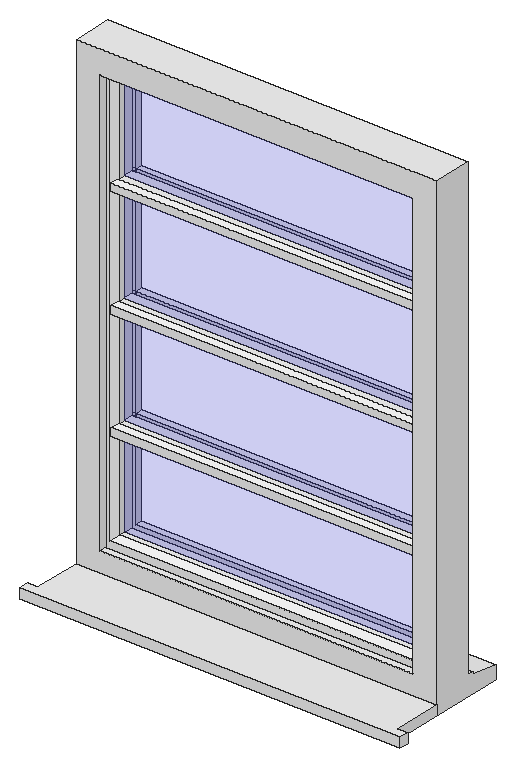
Revit family "MP_Windows_Tpl_Horz_Bars", category Windows, host Wall, Revit 2014
Parameters (values of type "910x910mm")
  Wrap Layers (Ext) from Ext = 102.5 mm
  Wrap Layers (Int) from Ext = 177.5 mm
  Window Board Projection = 25.0 mm
  Window Board Extension = 25.0 mm
  Visual Light Transmittance = 0.9
  Vis - Cavity Closers = yes
  Solar Heat Gain Coefficient = 0.86
  Rough Width = Width  # 910.0 mm
  Rough Height = Height  # 1210.0 mm
  Operation = "SinglePanel"
  Construction Type Id = "SGL"
  Material Trim = Window Frame
  Material Glass = Glass
  Material Frame = Window Frame
  Manufacturer = "Revit"
  Keynote = "L10"
  Height = 1210.0 mm
  Wall Closure = By host
  Width = 910.0 mm
  Heat Transfer Coefficient (U) = 5.5617 W/(m²·K)
  Glazing Thickness = 36.0 mm
  FrameOffset - External = 80.0 mm
  Frame Depth = 80.0 mm
  Default Head Height = 2110.0 mm
  Cill Depth = 87.5 mm
  Cavity Closer Width = 50.0 mm
  Cavity Closer Offset from Ext = 102.5 mm
  Cavity Closer Depth = 85.0 mm
  Analytic Construction = "Large single-glazed windows"
Types (7, lengths in mm): name | Rough Width | Rough Height | Height | Width | Glazing Thickness | FrameOffset - External | Frame Depth
  (no name) | 910.0 | 1210.0 | 1210.0 | 910.0 | 36.0 | 80.0 | 80.0
  910x910mm | 910.0 | 1210.0 | 1210.0 | 910.0 | 36.0 | 80.0 | 80.0
  910x1210mm | 910.0 | 1210.0 | 1210.0 | 910.0 | 24.0 | 50.0 | 65.0
  1360x910mm | 1360.0 | 910.0 | 910.0 | 1360.0 | 24.0 | 50.0 | 65.0
  1360x1210mm | 1360.0 | 1210.0 | 1210.0 | 1360.0 | 24.0 | 50.0 | 65.0
  1810x910mm | 1810.0 | 910.0 | 910.0 | 1810.0 | 24.0 | 50.0 | 65.0
  1810x1210mm | 1810.0 | 1210.0 | 1210.0 | 1810.0 | 24.0 | 50.0 | 65.0
Reference planes
  plane 1: y = 0
  plane 2 "Center (Left/Right)": x = 0
  plane 3 "Left": x = -455
  plane 4 "Right": x = 455
  plane 5 "Cill": z = 900
  plane 6 "Head": z = 2110
  plane 7 "Exterior": y = 158.457
  plane 8 "Interior": y = -141.543
  plane 9 "Back of Window": y = -1.543
  plane 10 "Wall Closure": y = 55.957
  plane 11 "Front Cill": y = 165.957
  plane 12 "Front Window Board": y = -166.543
  plane 13 "RHS Window Board": x = 480
  plane 14 "LHS Window Board": x = -480
  plane 15 "Ext Leaf Back": y = 55.957
  plane 16 "Face Window": y = 78.457
  plane 17: z = 1516.5
  plane 18: y = -19.043
  plane 19: z = 2070
  plane 20: z = 963
  plane 21: z = 1793.25
  plane 22: z = 1239.75
Forms (mm)
  Extrusion 1, solid, material "Window Frame" <- "Material Trim", detail levels medium+fine
    sketch origin (0, 0, 900) x (0, -1, 0) y (-1, 0, 0)
      loop
        line (141.543, 480) -> (141.543, 455) -> (19.543, 455) -> (19.543, -455) -> (141.543, -455) -> (141.543, -480) -> (166.543, -480) -> (166.543, 480) -> (141.543, 480)
    from 0 to -25
  Extrusion 2, solid, material "Window Frame" <- "Material Frame"
    sketch origin (0, 0, 0) x (0, 1, 0) y (0, 0, 1)
      loop
        line (-19.543, 900) -> (165.957, 900) -> (165.957, 933.809) -> (93.457, 944.745) -> (93.457, 949.688) -> (78.457, 951) -> (78.457, 963) -> (-1.543, 963) -> (-1.543, 975) -> (-19.543, 975) -> (-19.543, 900)
    from 455 to -455
  Sweep 3, solid, material "Window Frame" <- "Material Frame"
    path origin (0, -1.543, 0) x (1, 0, 0) y (0, 0, 1)
      loop
        line (-455, 963) -> (-455, 2110) -> (455, 2110) -> (455, 963)
    profile origin (0, 0, 1536.5) x (-1, 0, 0) y (0, -1, 0)
      loop
        line (455, 19.543) -> (395, 19.543) -> (395, 1.543) -> (415, 1.543) -> (415, -78.457) -> (455, -78.457) -> (455, 19.543)
  Sweep 4, solid, material "Window Frame" <- "Material Frame"
    path origin (0, 78.457, 0) x (1, 0, 0) y (0, 0, 1)
      loop
        line (415, 2070) -> (-415, 2070) -> (-415, 963) -> (415, 963) -> (415, 2070)
    profile origin (0, 0, 1516.5) x (0, -1, 0) y (1, 0, 0)
      loop
        line (-78.457, -425) -> (-78.457, -415) -> (1.543, -415) -> (1.543, -385.148) -> (-15.949, -375) -> (-30.457, -375) -> (-30.457, -385) -> (-66.457, -385) -> (-66.457, -375) -> (-84.23, -375) -> (-90.004, -385) -> (-90.004, -414.215) -> (-84.23, -425) -> (-78.457, -425)
  Extrusion 5, solid, material "Window Frame" <- "Material Frame"
    sketch origin (0, 0, 0) x (0, 1, 0) y (0, 0, 1)
      loop
        line (90.004, 1511.331) -> (90.004, 1521.669) -> (84.328, 1531.5) -> (66.457, 1531.5) -> (66.457, 1524.5) -> (30.457, 1524.5) -> (30.457, 1531.5) -> (12.949, 1531.5) -> (-1.543, 1526.352) -> (-1.543, 1506.648) -> (12.949, 1501.5) -> (30.457, 1501.5) -> (30.457, 1508.5) -> (66.457, 1508.5) -> (66.457, 1501.5) -> (84.328, 1501.5) -> (90.004, 1511.331)
      loop
        line (90.004, 1234.581) -> (90.004, 1244.919) -> (84.328, 1254.75) -> (66.457, 1254.75) -> (66.457, 1247.75) -> (30.457, 1247.75) -> (30.457, 1254.75) -> (12.949, 1254.75) -> (-1.543, 1249.602) -> (-1.543, 1229.898) -> (12.949, 1224.75) -> (30.457, 1224.75) -> (30.457, 1231.75) -> (66.457, 1231.75) -> (66.457, 1224.75) -> (84.328, 1224.75) -> (90.004, 1234.581)
      loop
        line (90.004, 1788.081) -> (90.004, 1798.419) -> (84.328, 1808.25) -> (66.457, 1808.25) -> (66.457, 1801.25) -> (30.457, 1801.25) -> (30.457, 1808.25) -> (12.949, 1808.25) -> (-1.543, 1803.102) -> (-1.543, 1783.398) -> (12.949, 1778.25) -> (30.457, 1778.25) -> (30.457, 1785.25) -> (66.457, 1785.25) -> (66.457, 1778.25) -> (84.328, 1778.25) -> (90.004, 1788.081)
    from -385.148 to 385.148
  Extrusion 6, solid, material "Glass" <- "Material Glass"
    sketch origin (385, 66.457, 2040) x (-1, 0, 0) y (0, 0, -1)
      loop
        line (770, 1047) -> (-0.148, 1047) -> (-0.148, 805.25) -> (770, 805.25) -> (770, 1047)
      loop
        line (770, 251.75) -> (770, 518.5) -> (-0.148, 518.5) -> (-0.148, 251.75) -> (770, 251.75)
      loop
        line (-0.148, 0) -> (770, 0) -> (770, 241.75) -> (-0.148, 241.75) -> (-0.148, 0)
      loop
        line (-0.148, 795.25) -> (-0.148, 528.5) -> (770, 528.5) -> (770, 795.25) -> (-0.148, 795.25)
    from 0 to 36 <- "Glazing Thickness"
Cuts and joins
  joined: Extrusion 2, Sweep 3
Lines and regions (mm)
  Opening 1
    outline origin (-5000, -141.543, 0) x (1, 0, 0) y (0, 0, 1)
      loop
        line (5455, 2110) -> (4545, 2110) -> (4545, 900) -> (5455, 900) -> (5455, 2110)
  Masking region 1
    outline origin (0, 0, 900) x (0, -1, 0) y (1, 0, 0)
      loop
        line (19.543, -455) -> (19.543, 455) -> (-165.957, 455) -> (-165.957, -455) -> (19.543, -455)
  symbolic lines, style "WindowsFrameMullionProjection"
    curve 1: line (-455, -19.543, 0) -> (455, -19.543, 0)
    curve 3: line (455, 78.457, 0) -> (-455, 78.457, 0)
    curve 5: line (-395, -19.543, 0) -> (-395, 78.457, 0)
    curve 6: line (395, -19.543, 0) -> (395, 78.457, 0)
    curve 7: line (-395, 29.457, 0) -> (395, 29.457, 0)
  symbolic lines, style "Elevation Swing"
    curve 2: line (-455, 78.457, 0) -> (-455, -19.543, 0)
    curve 4: line (455, -19.543, 0) -> (455, 78.457, 0)
    curve 20: line (-375, 0, 2030) -> (375, 0, 1516.5)
    curve 21: line (-375, 0, 1003) -> (375, 0, 1516.5)
  symbolic lines, style "Cavity Closer", visible <- "Vis - Cavity Closers", detail levels medium+fine
    curve 8: line (-455, 55.957, 0) -> (-505, 55.957, 0)
    curve 9: line (-455, -29.043, 0) -> (-455, 55.957, 0)
    curve 10: line (-505, -29.043, 0) -> (-455, -29.043, 0)
    curve 11: line (-505, 55.957, 0) -> (-505, -29.043, 0)
    curve 12: line (-455, -29.043, 0) -> (-505, 55.957, 0)
    curve 13: line (-505, -29.043, 0) -> (-455, 55.957, 0)
    curve 14: line (455, 55.957, 0) -> (505, 55.957, 0)
    curve 15: line (455, -29.043, 0) -> (455, 55.957, 0)
    curve 16: line (505, -29.043, 0) -> (455, -29.043, 0)
    curve 17: line (505, 55.957, 0) -> (505, -29.043, 0)
    curve 18: line (455, -29.043, 0) -> (505, 55.957, 0)
    curve 19: line (505, -29.043, 0) -> (455, 55.957, 0)
  symbolic lines, style "WindowsSillHeadProjection"
    curve 22: line (455, 165.957, 0) -> (-455, 165.957, 0)
    curve 23: line (-455, 165.957, 0) -> (-455, 158.457, 0)
    curve 24: line (455, 165.957, 0) -> (455, 158.457, 0)
Text (mm)
  text "EXTERIOR" at (-1415.209, 454.062, 0), in view "Ref. Level"
  text "INTERIOR" at (-1415.209, -367.981, 0), in view "Ref. Level"
  text "Exterior" at (0, 923.751, 2943.296), in view "Right"
  text "Exterior" at (0, 1040.484, 2685.409), in view "Left"
Dimensions and locks
  equal spacing: plane 3 "Left", plane 2 "Center (Left/Right)", plane 4 "Right"
  "Width": plane 3 "Left" to plane 4 "Right"
  "Height": plane 5 "Cill" to plane 6 "Head"
  "Default Head Height": plane 6 "Head" to level
  locked: plane 7 "Exterior" to host wall at 0
  locked: plane 8 "Interior" to host wall
  "Window Board Projection": plane 12 "Front Window Board" to plane 8 "Interior"
  "Window Board Extension": plane 14 "LHS Window Board" to plane 3 "Left"
  "Window Board Extension": plane 4 "Right" to plane 13 "RHS Window Board"
  "Cavity Closer Offset from Ext": plane 15 "Ext Leaf Back" to plane 7 "Exterior"
  "Frame Depth": plane 9 "Back of Window" to plane 16 "Face Window"
  "FrameOffset - External": plane 16 "Face Window" to plane 7 "Exterior"
  locked: Extrusion 2 sketch curve to Extrusion 2 sketch curve at 18
  Extrusion 2 sketch curve to Extrusion 2 sketch curve = 12.0 mm
  plane 16 "Face Window" to Extrusion 2 sketch curve = 15.0 mm
  Sweep 4 sketch curve to Sweep 4 sketch curve = 10.0 mm
  equal spacing: Extrusion 2, Sweep 4 sketch curve, Sweep 4 sketch curve
  equal spacing: Sweep 3, Sweep 4 sketch curve, Sweep 4 sketch curve
  Sweep 4 sketch curve to Sweep 4 sketch curve = 17.774 mm
  "Glazing Thickness": Sweep 4 sketch curve to Sweep 4 sketch curve
  equal spacing: curve 3, curve 7, curve 1
  "Cavity Closer Depth": curve 8 to curve 10
  "Cavity Closer Width": curve 11 to plane 3 "Left"
  "Cavity Closer Depth": curve 14 to curve 16
  "Cavity Closer Width": plane 4 "Right" to curve 17
  "Cill Depth": plane 16 "Face Window" to plane 11 "Front Cill"
  locked: Extrusion 5 sketch curve to Extrusion 5 sketch curve at 7  (x6)
  locked: Extrusion 5 sketch curve to Extrusion 5 sketch curve at 5.676  (x6)
  locked: Extrusion 5 sketch curve to Extrusion 5 sketch curve at 14.493  (x6)
  "Wrap Layers (Ext) from Ext": plane 10 "Wall Closure" to plane 7 "Exterior"
  "Wrap Layers (Int) from Ext": plane 18 to plane 7 "Exterior"
  locked: plane 19 to plane 6 "Head" at 40
  locked: plane 5 "Cill" to plane 20 at 63
  equal spacing: plane 20, plane 22, plane 17, plane 21, plane 19
  Extrusion 5 sketch curve to plane 21 to Extrusion 5 sketch curve = 15.0 mm locked, 15.0 mm locked
  Extrusion 5 sketch curve to plane 17 to Extrusion 5 sketch curve = 15.0 mm locked, 15.0 mm locked
  Extrusion 5 sketch curve to plane 22 to Extrusion 5 sketch curve = 15.0 mm locked, 15.0 mm locked
  Extrusion 6 sketch curve to plane 21 to Extrusion 6 sketch curve = 5.0 mm locked, 5.0 mm locked
  Extrusion 6 sketch curve to plane 17 to Extrusion 6 sketch curve = 5.0 mm locked, 5.0 mm locked
  Extrusion 6 sketch curve to plane 22 to Extrusion 6 sketch curve = 5.0 mm locked, 5.0 mm locked
  aligned and locked: plane 3 "Left" to Extrusion 1 sketch curve
  aligned and locked: Extrusion 1 sketch curve to plane 8 "Interior"  (x2)
  aligned and locked: Extrusion 1 sketch curve to plane 13 "RHS Window Board"
  aligned and locked: Extrusion 1 to plane 12 "Front Window Board"
  aligned and locked: plane 14 "LHS Window Board" to Extrusion 1 sketch curve
  aligned and locked: plane 9 "Back of Window" to Extrusion 2 sketch curve
  aligned and locked: plane 16 "Face Window" to Extrusion 2 sketch curve
  aligned and locked: plane 11 "Front Cill" to Extrusion 2 sketch curve
  aligned and locked: Extrusion 2 sketch curve to plane 5 "Cill"
  aligned and locked: plane 3 "Left" to Extrusion 2
  aligned and locked: Extrusion 2 to plane 4 "Right"
  aligned and locked: plane 16 "Face Window" to Sweep 3 sketch curve
  aligned and locked: Extrusion 1 to Extrusion 2
  aligned and locked: Sweep 4 sketch curve to Sweep 4 sketch curve
  aligned and locked: plane 9 "Back of Window" to Sweep 4 sketch curve
  aligned and locked: Sweep 3 to curve 5
  aligned and locked: curve 6 to Sweep 3
  aligned and locked: plane 3 "Left" to nested 1
  aligned and locked: curve 9 to plane 3 "Left"
  aligned and locked: plane 4 "Right" to nested 2
  aligned and locked: curve 15 to plane 4 "Right"
  aligned and locked: Extrusion 5 sketch curve to Extrusion 5 sketch curve  (x6)
  aligned and locked: Extrusion 5 to Sweep 4  (x2)
  aligned and locked: curve 1 to cut or joined group of Extrusion 2, Sweep 3
  aligned and locked: curve 22 to cut or joined group of Extrusion 2, Sweep 3
  aligned and locked: nested 2 to plane 15 "Ext Leaf Back"
  aligned and locked: plane 15 "Ext Leaf Back" to curve 14
  aligned and locked: nested 1 to plane 15 "Ext Leaf Back"
  aligned and locked: plane 15 "Ext Leaf Back" to curve 8
  aligned and locked: plane 3 "Left" to Masking region 1 sketch curve
  aligned and locked: plane 4 "Right" to Masking region 1 sketch curve
  aligned and locked: Masking region 1 sketch curve to plane 11 "Front Cill"
  aligned and locked: Masking region 1 sketch curve to Extrusion 1
  aligned and locked: Extrusion 5 sketch curve to Extrusion 6  (x3)
  aligned and locked: Extrusion 6 to Extrusion 5 sketch curve  (x3)
Automatic sketch dimensions
  curve 22 to plane 3 "Left" = 0.0 mm
  curve 3 to plane 3 "Left" = 0.0 mm
  curve 4 to plane 4 "Right" = 0.0 mm
  curve 24 to plane 4 "Right" = 0.0 mm
  curve 3 to plane 16 "Face Window" = 0.0 mm
  curve 23 to host wall = 0.0 mm
  curve 24 to host wall = 0.0 mm
  curve 21 to plane 17 = 0.0 mm
  plane 4 "Right" to curve 21 = 80.0 mm
  plane 19 to curve 20 = 40.0 mm
  curve 21 to plane 20 = 40.0 mm
  curve 20 to plane 3 "Left" = 80.0 mm
  curve 21 to plane 3 "Left" = 80.0 mm
  Extrusion 1 sketch curve to plane 4 "Right" = 0.0 mm
  Extrusion 1 sketch curve to plane 12 "Front Window Board" = 0.0 mm
  host wall to Extrusion 1 sketch curve = 28.0 mm
  plane 20 to Extrusion 2 sketch curve = 0.0 mm
  plane 20 to Extrusion 2 sketch curve = 29.191 mm
  Extrusion 2 sketch curve to Extrusion 2 sketch curve = 6.255 mm
  Extrusion 2 sketch curve to Extrusion 2 sketch curve = 4.943 mm
  Extrusion 2 sketch curve to plane 20 = 12.0 mm
  plane 3 "Left" to Sweep 3 sketch curve = 0.0 mm
  plane 4 "Right" to Sweep 3 sketch curve = 0.0 mm
  Sweep 3 sketch curve to plane 20 = 0.0 mm  (x2)
  Sweep 3 sketch curve to plane 6 "Head" = 0.0 mm
  Sweep 3 sketch curve to plane 9 "Back of Window" = 0.0 mm
  Sweep 3 sketch curve to profile plane = 0.0 mm
  profile plane to Sweep 3 sketch curve = 40.0 mm
  Sweep 3 sketch curve to Sweep 3 sketch curve = 20.0 mm
  plane 9 "Back of Window" to Sweep 3 sketch curve = 18.0 mm
  Sweep 4 sketch curve to plane 19 = 0.0 mm
  Sweep 4 sketch curve to plane 20 = 0.0 mm
  Sweep 4 sketch curve to plane 3 "Left" = 40.0 mm
  plane 4 "Right" to Sweep 4 sketch curve = 40.0 mm
  Sweep 4 sketch curve to plane 16 "Face Window" = 0.0 mm
  Sweep 4 sketch curve to profile plane = 0.0 mm
  Sweep 4 sketch curve to plane 16 "Face Window" = 5.774 mm
  Sweep 4 sketch curve to Sweep 4 sketch curve = 14.507 mm
  profile plane to Sweep 4 sketch curve = 10.0 mm
  Sweep 4 sketch curve to profile plane = 0.785 mm
  Sweep 4 sketch curve to Sweep 4 sketch curve = 29.852 mm
  Sweep 4 sketch curve to Sweep 4 sketch curve = 29.215 mm
  Sweep 4 sketch curve to Sweep 4 sketch curve = 0.148 mm
  Extrusion 5 sketch curve to plane 9 "Back of Window" = 0.0 mm  (x3)
  plane 16 "Face Window" to Extrusion 5 sketch curve = 12.0 mm  (x6)
  Extrusion 5 sketch curve to plane 16 "Face Window" = 5.871 mm  (x3)
  plane 22 to Extrusion 5 sketch curve = 5.169 mm
  Extrusion 5 sketch curve to plane 22 = 5.169 mm
  Extrusion 5 sketch curve to plane 22 = 9.852 mm
  plane 22 to Extrusion 5 sketch curve = 9.852 mm
  Extrusion 5 sketch curve to plane 17 = 9.852 mm
  Extrusion 5 sketch curve to plane 17 = 5.169 mm
  plane 17 to Extrusion 5 sketch curve = 5.169 mm
  plane 17 to Extrusion 5 sketch curve = 9.852 mm
  Extrusion 5 sketch curve to plane 21 = 9.852 mm
  Extrusion 5 sketch curve to plane 21 = 5.169 mm
  plane 21 to Extrusion 5 sketch curve = 5.169 mm
  plane 21 to Extrusion 5 sketch curve = 9.852 mm
  plane 3 "Left" to Opening 1 sketch curve = 0.0 mm
  plane 4 "Right" to Opening 1 sketch curve = 0.0 mm
  Opening 1 sketch curve to plane 5 "Cill" = 0.0 mm
  Opening 1 sketch curve to plane 6 "Head" = 0.0 mm
  Extrusion 6 sketch curve to Sweep 4 = 0.0 mm  (x6)
  Extrusion 6 sketch curve to Sweep 4 = 0.148 mm  (x4)
Nested families
  nested 1: "Cavity Closer" at (-505, 55.957, 0), visible <- "Vis - Cavity Closers", type "Cavity Closer", detail levels medium+fine
  nested 2: "Cavity Closer" at (505, 55.957, 0) x (-1, 0, 0) z (0, 0, 1), visible <- "Vis - Cavity Closers", type "Cavity Closer", detail levels medium+fine
Definition of nested family "Cavity Closer"
  Parameters
    Closer Width = 50.0 mm
    Closer Depth = 75.0 mm
  Reference planes
    plane 1 "Center (Front/Back)": y = 0
    plane 2: z = 0
    plane 3 "Center (Left/Right)": x = 0
    plane 4: x = 50, in view "Ref. Level"
    plane 5: y = -75, in view "Ref. Level"
  Lines and regions (mm)
    Masking region 1, in view "Ref. Level"
      outline origin (0, 0, 0) x (1, 0, 0) y (0, 1, 0)
        loop
          line (0, 0) -> (0, -75) -> (50, -75) -> (50, 0) -> (0, 0)
  Dimensions and locks
    "Closer Width": plane 3 "Center (Left/Right)" to plane 4
    "Closer Depth": plane 5 to plane 1 "Center (Front/Back)"
  Automatic sketch dimensions
    Masking region 1 sketch curve to plane 3 "Center (Left/Right)" = 0.0 mm
    Masking region 1 sketch curve to plane 4 = 0.0 mm
    Masking region 1 sketch curve to plane 5 = 0.0 mm
    Masking region 1 sketch curve to plane 1 "Center (Front/Back)" = 0.0 mm
